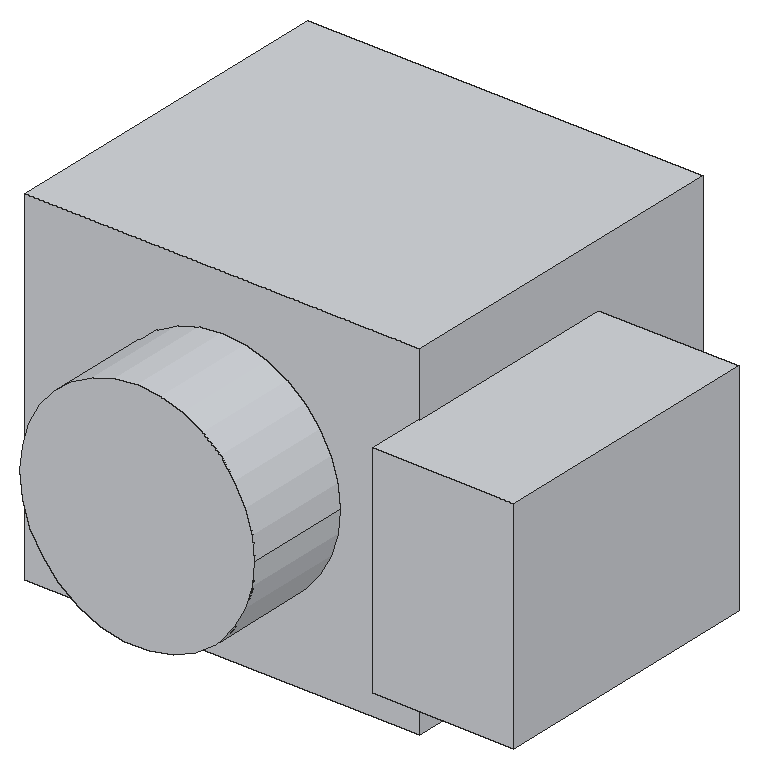
Revit family "EZTS+NO HWC", category Mechanical Equipment, Revit 2018
Family settings
  Round Connector Dimension = Use Diameter
  Part Type = Normal
  OmniClass Number = 23.75.00.00
  OmniClass Title = Climate Control (HVAC)
  Work Plane-Based = No
  Always vertical = Yes
  Cut with Voids When Loaded = No
  Shared = No
  Room Calculation Point = No
Parameters (values of type "EZTS+1214 Controller Right")
  Width = 1' - 8"
  RightController = yes
  Model = "EZTS+"
  Manufacturer = "ANEMOSTAT PRODUCTS"
  Lenght = 1' - 6 1/2"
  LeftController = no
  Inlet_S = 0' - 5 3/8"
  InletRadius = InletDia / 2  # 0' - 5 15/16"
  InletDia = 0' - 11 7/8"
  Height = 1' - 5 1/2"
  EnslosureRear = 1' - 2 7/32"
  EnclosureWidth = 0' - 7 1/8"
  EnclosureHeight = 0' - 11 3/32"
  EnclosureFront = 0' - 3"
  EnclosureCenter = Height / 2  # 0' - 8 3/4"
  DischargeY = Height - 0' 1 1/4"  # 1' - 4 1/4"
  DischargeX = Width - 0' 1 1/4"  # 1' - 6 3/4"
  Discharge = 0' - 0 5/8"
  Description = "SINGLE DUCT AIR TERMINAL"
Types (17): name | Width | RightController | Lenght | LeftController | InletRadius | InletDia | Height | EnclosureCenter | DischargeY | DischargeX
  (no name) | 1' - 8" | yes | 1' - 6 1/2" | no | 0' - 5 15/16" | 0' - 11 7/8" | 1' - 5 1/2" | 0' - 8 3/4" | 1' - 4 1/4" | 1' - 6 3/4"
  EZTS+0508 Controller Left | 1' - 0" | no | 1' - 0 1/2" | yes | 0' - 2 7/16" | 0' - 4 7/8" | 0' - 10" | 0' - 5" | 0' - 8 3/4" | 0' - 10 3/4"
  EZTS+0608 Controller Left | 1' - 0" | no | 1' - 0 1/2" | yes | 0' - 2 15/16" | 0' - 5 7/8" | 0' - 10" | 0' - 5" | 0' - 8 3/4" | 0' - 10 3/4"
  EZTS+0710 Controller Left | 1' - 2" | no | 1' - 2 1/2" | yes | 0' - 3 7/16" | 0' - 6 7/8" | 1' - 0 1/2" | 0' - 6 1/4" | 0' - 11 1/4" | 1' - 0 3/4"
  EZTS+0810 Controller Left | 1' - 2" | no | 1' - 2 1/2" | yes | 0' - 3 15/16" | 0' - 7 7/8" | 1' - 0 1/2" | 0' - 6 1/4" | 0' - 11 1/4" | 1' - 0 3/4"
  EZTS+0912 Controller Left | 1' - 4" | no | 1' - 6 1/2" | yes | 0' - 4 7/16" | 0' - 8 7/8" | 1' - 3" | 0' - 7 1/2" | 1' - 1 3/4" | 1' - 2 3/4"
  EZTS+1012 Controller Left | 1' - 4" | no | 1' - 6 1/2" | yes | 0' - 4 15/16" | 0' - 9 7/8" | 1' - 3" | 0' - 7 1/2" | 1' - 1 3/4" | 1' - 2 3/4"
  EZTS+1214 Controller Left | 1' - 8" | no | 1' - 6 1/2" | yes | 0' - 5 15/16" | 0' - 11 7/8" | 1' - 5 1/2" | 0' - 8 3/4" | 1' - 4 1/4" | 1' - 6 3/4"
  EZTS+1416 Controller Left | 2' - 0" | no | 1' - 6 1/2" | yes | 0' - 6 15/16" | 1' - 1 7/8" | 1' - 5 1/2" | 0' - 8 3/4" | 1' - 4 1/4" | 1' - 10 3/4"
  EZTS+1416 Controller Right | 2' - 0" | yes | 1' - 6 1/2" | no | 0' - 6 15/16" | 1' - 1 7/8" | 1' - 5 1/2" | 0' - 8 3/4" | 1' - 4 1/4" | 1' - 10 3/4"
  EZTS+1214 Controller Right | 1' - 8" | yes | 1' - 6 1/2" | no | 0' - 5 15/16" | 0' - 11 7/8" | 1' - 5 1/2" | 0' - 8 3/4" | 1' - 4 1/4" | 1' - 6 3/4"
  EZTS+1012 Controller Right | 1' - 4" | yes | 1' - 6 1/2" | no | 0' - 4 15/16" | 0' - 9 7/8" | 1' - 3" | 0' - 7 1/2" | 1' - 1 3/4" | 1' - 2 3/4"
  EZTS+0912 Controller Right | 1' - 4" | yes | 1' - 6 1/2" | no | 0' - 4 7/16" | 0' - 8 7/8" | 1' - 3" | 0' - 7 1/2" | 1' - 1 3/4" | 1' - 2 3/4"
  EZTS+0810 Controller Right | 1' - 2" | yes | 1' - 2 1/2" | no | 0' - 3 15/16" | 0' - 7 7/8" | 1' - 0 1/2" | 0' - 6 1/4" | 0' - 11 1/4" | 1' - 0 3/4"
  EZTS+0710 Controller Right | 1' - 2" | yes | 1' - 2 1/2" | no | 0' - 3 7/16" | 0' - 6 7/8" | 1' - 0 1/2" | 0' - 6 1/4" | 0' - 11 1/4" | 1' - 0 3/4"
  EZTS+0608 Controller Right | 1' - 0" | yes | 1' - 0 1/2" | no | 0' - 2 15/16" | 0' - 5 7/8" | 0' - 10" | 0' - 5" | 0' - 8 3/4" | 0' - 10 3/4"
  EZTS+0508 Controller Right | 1' - 0" | yes | 1' - 0 1/2" | no | 0' - 2 7/16" | 0' - 4 7/8" | 0' - 10" | 0' - 5" | 0' - 8 3/4" | 0' - 10 3/4"
Reference planes (in)
  plane 1 "Center (Front/Back)": y = 0
  plane 2: z = 0
  plane 3 "Center (Left/Right)": x = 0
  plane 4 "RightSide": x = 10
  plane 5 "LeftSide": x = -10
  plane 6 "InletSide": y = -9.25
  plane 7: y = 1.96875
  plane 8 "EnclosureFront": y = -12.25
  plane 9: x = 17.125
  plane 10: x = -17.125
  plane 11 "DischargeSide": y = 9.25
  plane 12: y = 8.625
  plane 13: z = 17.5
  plane 14: z = 8.75
  plane 15: z = 14.29687
  plane 16: z = 3.20313
  plane 17: x = 9.375
  plane 18: x = -9.375
  plane 19: z = 16.875
  plane 20: z = 0.625
Forms (in)
  Extrusion 1, solid
    sketch origin (0, 0, 0) x (1, 0, 0) y (0, 1, 0)
      loop
        line (10, 8.625) -> (-10, 8.625) -> (-10, -9.25) -> (10, -9.25) -> (10, 8.625)
    from 0 to 17.5
  Extrusion 2, solid
    sketch origin (0, -9.25, 0) x (1, 0, 0) y (0, 0, 1)
      loop
        circle (0, 8.75) r 5.9375
    from 0 to 5.375 <- "Inlet_S"
  Extrusion 3, solid
    sketch origin (0, 9.25, 0) x (1, 0, 0) y (0, 0, 1)
      loop
        line (-9.375, 16.875) -> (-9.375, 0.625) -> (9.375, 0.625) -> (9.375, 16.875) -> (-9.375, 16.875)
    from 0 to 0.625 <- "Discharge"
Dimensions and locks (in)
  equal spacing: plane 5 "LeftSide", plane 3 "Center (Left/Right)", plane 4 "RightSide"
  "EnclosureFront": plane 8 "EnclosureFront" to plane 6 "InletSide"
  "Width": plane 5 "LeftSide" to plane 4 "RightSide"
  "EnclosureWidth": plane 4 "RightSide" to plane 9
  "EnclosureWidth": plane 10 to plane 5 "LeftSide"
  equal spacing: plane 11 "DischargeSide", plane 1 "Center (Front/Back)", plane 6 "InletSide"
  "Lenght": plane 11 "DischargeSide" to plane 6 "InletSide"
  "EnslosureRear": plane 7 to plane 8 "EnclosureFront"
  "Discharge": plane 12 to plane 11 "DischargeSide"
  equal spacing: plane 15, plane 14, plane 16
  "EnclosureHeight": plane 15 to plane 16
  "EnclosureCenter": plane 14 to level
  "Height": plane 13 to level
  equal spacing: plane 17, plane 3 "Center (Left/Right)", plane 18
  "DischargeX": plane 17 to plane 18
  "Discharge": plane 13 to plane 19
  "Discharge": plane 20 to level
  plane 6 "InletSide" to plane 11 "DischargeSide" = 1' - 6 1/2"
  "InletRadius": radius of Extrusion 2 sketch curve
  aligned and locked: level to plane 2
  aligned and locked: plane 12 to Extrusion 1 sketch curve
  aligned and locked: Extrusion 1 sketch curve to plane 4 "RightSide"
  aligned and locked: plane 6 "InletSide" to Extrusion 1 sketch curve
  aligned and locked: Extrusion 1 sketch curve to plane 5 "LeftSide"
  aligned and locked: plane 13 to Extrusion 1
  aligned and locked: plane 19 to Extrusion 3 sketch curve
  aligned and locked: Extrusion 3 sketch curve to plane 18
  aligned and locked: plane 20 to Extrusion 3 sketch curve
  aligned and locked: Extrusion 3 sketch curve to plane 17
  aligned and locked: nested 1 to plane 7
  aligned and locked: nested 1 to plane 4 "RightSide"
  aligned and locked: plane 5 "LeftSide" to nested 2
  aligned and locked: nested 2 to plane 7
Automatic sketch dimensions
  Extrusion 2 sketch curve to plane 3 "Center (Left/Right)" = 0' - 0"
  Extrusion 2 sketch curve to plane 14 = 0' - 0"
Nested families (in)
  nested 1: "ControlEnclosure" at (10, 0.58942, 0), visible <- "RightController", type "Inlet Size 10 Enclosure Left"
    with Height 1' - 5 1/2", EnclosureWidth 0' - 7 1/8", EnclosureHeight 0' - 11 3/32", EnclosureCenter 0' - 8 3/4"
  nested 2: "ControlEnclosure" at (-10, 0.58942, 0) x (-1, 0, 0) z (0, 0, 1), visible <- "LeftController", type "Inlet Size 10 Enclosure Left"
    with Height 1' - 5 1/2", EnclosureWidth 0' - 7 1/8", EnclosureHeight 0' - 11 3/32", EnclosureCenter 0' - 8 3/4"
Connectors (in)
  hvac at (0, 9.25, 8.75), driven by "DischargeY", driven by "DischargeX"
    settings: on Extrusion 3, index 1, duct flow 0 CFM, flow factor 0, pres drop 0.00 in-wg, loss coef 0, conn angle 0.00°, conn width 18 3/4", conn height 16 1/4", conn diameter 24", duct sys type 1, conn prof type 1, flow config 0, flow direction 2, loss method 0, conn ref index -1, conn util no, is conn primary yes, conn desc ""
  hvac at (0, -14.625, 8.75), driven by "InletDia"
    settings: on Extrusion 2, index 2, duct flow 0 CFM, flow factor 0, pres drop 0.00 in-wg, loss coef 0, conn angle 0.00°, conn width 12", conn height 12", conn diameter 11 7/8", duct sys type 1, conn prof type 0, flow config 0, flow direction 1, loss method 0, conn ref index -1, conn util no, is conn primary no, conn desc ""
  electrical at (17.125, -5.14063, 8.75)
    settings: on nested 1, index 3, voltage 0 V, apparent load 0 VA, apparent load phase1 0 VA, apparent load phase2 0 VA, apparent load phase3 0 VA, power factor 1, load classification "Other", number of poles 1, system type 31, power factor state 1, is connector primary yes, connector utility no, sub classification motor no, connector description ""
  electrical at (-17.125, -5.14063, 8.75)
    settings: on nested 2, index 4, voltage 0 V, apparent load 0 VA, apparent load phase1 0 VA, apparent load phase2 0 VA, apparent load phase3 0 VA, power factor 1, load classification "Other", number of poles 1, system type 31, power factor state 1, is connector primary no, connector utility no, sub classification motor no, connector description ""
Definition of nested family "ControlEnclosure"
  Parameters (values of type "Enclosure")
    Width = 1' - 2"
    Lenght = 1' - 2 1/2"
    Height = 1' - 0 1/2"
    EnslosureRear = 1' - 2 7/32"
    EnclosureWidth = 0' - 7 1/8"
    EnclosureHeight = 0' - 11 3/32"
    EnclosureFront = 0' - 3"
    EnclosureCenter = Height / 2  # 0' - 6 1/4"
    DischargeY = 0' - 11 1/4"
    DischargeX = 1' - 0 3/4"
    Discharge = 0' - 0 5/8"
  Types (3): name | EnclosureWidth | EnclosureHeight
    Inlet Size 10 Enclosure Left | 0' - 11 3/32" | 0' - 7 1/8"
    Inlet Size 10 Enclosure Right | 0' - 7 1/8" | 0' - 6.00967"
    Enclosure | 0' - 7 1/8" | 0' - 11 3/32"
  Reference planes (in)
    plane 1 "Center (Front/Back)": y = 0
    plane 2: z = 0
    plane 3 "Center (Left/Right)": x = 0
    plane 4: x = 7
    plane 5: x = -7
    plane 6: y = -7.25
    plane 7: y = 1.37933
    plane 8: y = -12.83942
    plane 9 "EnclosureSide": x = 14.125
    plane 10: x = -14.125
    plane 11: y = 7.25
    plane 12: y = 6.625
    plane 13: z = 6.25
    plane 14: z = 11.79688
    plane 15: z = 0.70313
  Forms (in)
    Extrusion 1, solid
      sketch origin (0, 0, 0) x (0, 1, 0) y (0, 0, 1)
        loop
          line (1.37933, 11.79688) -> (-12.83942, 11.79688) -> (-12.83942, 0.70313) -> (1.37933, 0.70313) -> (1.37933, 11.79688)
      from 0 to 7.125 <- "EnclosureWidth"
  Dimensions and locks (in)
    equal spacing: plane 5, plane 3 "Center (Left/Right)", plane 4
    plane 8 to plane 6 = 0' - 5.58942"
    "Width": plane 5 to plane 4
    "EnclosureWidth": plane 4 to plane 9 "EnclosureSide"
    "EnclosureWidth": plane 10 to plane 5
    equal spacing: plane 11, plane 1 "Center (Front/Back)", plane 6
    "Lenght": plane 11 to plane 6
    "EnslosureRear": plane 7 to plane 8
    "Discharge": plane 12 to plane 11
    "EnclosureCenter": plane 13 to level
    equal spacing: plane 15, plane 13, plane 14
    "EnclosureHeight": plane 15 to plane 14
    aligned and locked: level to plane 2
    aligned and locked: Extrusion 1 sketch curve to plane 7
    aligned and locked: Extrusion 1 sketch curve to plane 14
    aligned and locked: Extrusion 1 sketch curve to plane 8
    aligned and locked: Extrusion 1 sketch curve to plane 15
